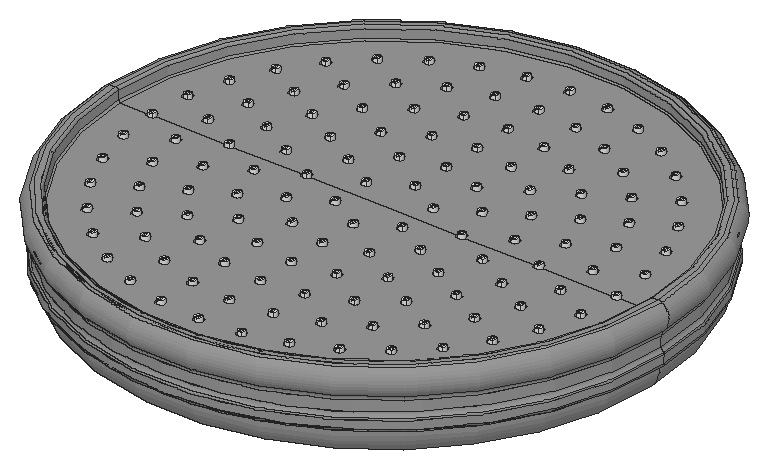
Revit family "Shower-Showerhead-KOHLER-KATALYST-K-15991T_1", category Plumbing Fixtures, host Face, Revit 2017 (continued)
Definition of nested family "K-15991T"
  Lines and regions (in)
    symbolic lines, detail levels medium+fine
      curve 226: circle (2.08409, 2.86706, 0) r 0.06192 normal (0, 0, -1)
      curve 227: circle (2.08409, 2.86706, 0) r 0.0308 normal (0, 0, -1)
      curve 228: circle (2.12747, 3.6832, 0) r 0.08333 normal (0, 0, -1)
      curve 229: circle (2.12747, 3.6832, 0) r 0.06192 normal (0, 0, -1)
      curve 230: circle (2.12747, 3.6832, 0) r 0.0308 normal (0, 0, -1)
      curve 231: circle (1.44245, 3.23772, 0) r 0.08333 normal (0, 0, -1)
      curve 232: circle (1.44245, 3.23772, 0) r 0.06192 normal (0, 0, -1)
      curve 233: circle (1.44245, 3.23772, 0) r 0.0308 normal (0, 0, -1)
      curve 234: circle (1.45557, 3.99668, 0) r 0.08333 normal (0, 0, -1)
      curve 235: circle (1.45557, 3.99668, 0) r 0.06192 normal (0, 0, -1)
      curve 236: circle (1.45557, 3.99668, 0) r 0.0308 normal (0, 0, -1)
      curve 237: circle (0.73944, 4.18871, 0) r 0.08333 normal (0, 0, -1)
      curve 238: circle (0.73944, 4.18871, 0) r 0.06192 normal (0, 0, -1)
      curve 239: circle (0.73944, 4.18871, 0) r 0.0308 normal (0, 0, -1)
      curve 240: circle (0.73777, 3.46687, 0) r 0.08333 normal (0, 0, -1)
      curve 241: circle (0.73777, 3.46687, 0) r 0.06192 normal (0, 0, -1)
      curve 242: circle (0.73777, 3.46687, 0) r 0.0308 normal (0, 0, -1)
      curve 243: circle (0.61405, 0.35355, 0) r 0.08333 normal (0, 0, -1)
      curve 244: circle (0.61405, 0.35355, 0) r 0.06192 normal (0, 0, -1)
      curve 245: circle (0.61405, 0.35355, 0) r 0.0308 normal (0, 0, -1)
      curve 246: circle (-0.00085, -1.41754, 0) r 0.08333 normal (0, 0, -1)
      curve 247: circle (-0.00085, -1.41754, 0) r 0.06192 normal (0, 0, -1)
      curve 248: circle (-0.00085, -1.41754, 0) r 0.0308 normal (0, 0, -1)
      curve 249: circle (-0.70951, -1.22721, 0) r 0.08333 normal (0, 0, -1)
      curve 250: circle (-0.70951, -1.22721, 0) r 0.06192 normal (0, 0, -1)
      curve 251: circle (-0.70951, -1.22721, 0) r 0.0308 normal (0, 0, -1)
      curve 252: circle (-1.22805, -0.70804, 0) r 0.08333 normal (0, 0, -1)
      curve 253: circle (-1.22805, -0.70804, 0) r 0.06192 normal (0, 0, -1)
      curve 254: circle (-1.22805, -0.70804, 0) r 0.0308 normal (0, 0, -1)
      curve 255: circle (-0.00085, -2.12653, 0) r 0.08333 normal (0, 0, -1)
      curve 256: circle (-0.00085, -2.12653, 0) r 0.06192 normal (0, 0, -1)
      curve 257: circle (-0.00085, -2.12653, 0) r 0.0308 normal (0, 0, -1)
      curve 258: circle (-0.72811, -1.99799, 0) r 0.08333 normal (0, 0, -1)
      curve 259: circle (-0.72811, -1.99799, 0) r 0.06192 normal (0, 0, -1)
      curve 260: circle (-0.72811, -1.99799, 0) r 0.0308 normal (0, 0, -1)
      curve 261: circle (-1.36755, -1.62847, 0) r 0.08333 normal (0, 0, -1)
      curve 262: circle (-1.36755, -1.62847, 0) r 0.06192 normal (0, 0, -1)
      curve 263: circle (-1.36755, -1.62847, 0) r 0.0308 normal (0, 0, -1)
      curve 264: circle (-1.84205, -1.06253, 0) r 0.08333 normal (0, 0, -1)
      curve 265: circle (-1.84205, -1.06253, 0) r 0.06192 normal (0, 0, -1)
      curve 266: circle (-1.84205, -1.06253, 0) r 0.0308 normal (0, 0, -1)
      curve 267: circle (-2.09437, -0.36843, 0) r 0.08333 normal (0, 0, -1)
      curve 268: circle (-2.09437, -0.36843, 0) r 0.06192 normal (0, 0, -1)
      curve 269: circle (-2.09437, -0.36843, 0) r 0.0308 normal (0, 0, -1)
      curve 270: circle (-2.73911, -0.73307, 0) r 0.08333 normal (0, 0, -1)
      curve 271: circle (-2.73911, -0.73307, 0) r 0.06192 normal (0, 0, -1)
      curve 272: circle (-2.73911, -0.73307, 0) r 0.0308 normal (0, 0, -1)
      curve 273: circle (-2.45605, -1.41702, 0) r 0.08333 normal (0, 0, -1)
      curve 274: circle (-2.45605, -1.41702, 0) r 0.06192 normal (0, 0, -1)
      curve 275: circle (-2.45605, -1.41702, 0) r 0.0308 normal (0, 0, -1)
      curve 276: circle (-2.00561, -2.00441, 0) r 0.08333 normal (0, 0, -1)
      curve 277: circle (-2.00561, -2.00441, 0) r 0.06192 normal (0, 0, -1)
      curve 278: circle (-2.00561, -2.00441, 0) r 0.0308 normal (0, 0, -1)
      curve 279: circle (-1.41849, -2.4552, 0) r 0.08333 normal (0, 0, -1)
      curve 280: circle (-1.41849, -2.4552, 0) r 0.06192 normal (0, 0, -1)
      curve 281: circle (-1.41849, -2.4552, 0) r 0.0308 normal (0, 0, -1)
      curve 282: circle (-0.7347, -2.73868, 0) r 0.08333 normal (0, 0, -1)
      curve 283: circle (-0.7347, -2.73868, 0) r 0.06192 normal (0, 0, -1)
      curve 284: circle (-0.7347, -2.73868, 0) r 0.0308 normal (0, 0, -1)
      curve 285: circle (-0.00085, -2.83551, 0) r 0.08333 normal (0, 0, -1)
      curve 286: circle (-0.00085, -2.83551, 0) r 0.06192 normal (0, 0, -1)
      curve 287: circle (-0.00085, -2.83551, 0) r 0.0308 normal (0, 0, -1)
      curve 288: circle (-3.52517, -0.36966, 0) r 0.08333 normal (0, 0, -1)
      curve 289: circle (-3.52517, -0.36966, 0) r 0.06192 normal (0, 0, -1)
      curve 290: circle (-3.52517, -0.36966, 0) r 0.0308 normal (0, 0, -1)
      curve 291: circle (-4.18901, -0.73778, 0) r 0.08333 normal (0, 0, -1)
      curve 292: circle (-4.18901, -0.73778, 0) r 0.06192 normal (0, 0, -1)
      curve 293: circle (-4.18901, -0.73778, 0) r 0.0308 normal (0, 0, -1)
      curve 294: circle (-3.99726, -1.45398, 0) r 0.08333 normal (0, 0, -1)
      curve 295: circle (-3.99726, -1.45398, 0) r 0.06192 normal (0, 0, -1)
      curve 296: circle (-3.99726, -1.45398, 0) r 0.0308 normal (0, 0, -1)
      curve 297: circle (-3.37128, -1.0945, 0) r 0.08333 normal (0, 0, -1)
      curve 298: circle (-3.37128, -1.0945, 0) r 0.06192 normal (0, 0, -1)
      curve 299: circle (-3.37128, -1.0945, 0) r 0.0308 normal (0, 0, -1)
      curve 300: circle (-3.68405, -2.12601, 0) r 0.08333 normal (0, 0, -1)
      curve 301: circle (-3.68405, -2.12601, 0) r 0.06192 normal (0, 0, -1)
      curve 302: circle (-3.68405, -2.12601, 0) r 0.0308 normal (0, 0, -1)
      curve 303: circle (-3.07005, -1.77152, 0) r 0.08333 normal (0, 0, -1)
      curve 304: circle (-3.07005, -1.77152, 0) r 0.06192 normal (0, 0, -1)
      curve 305: circle (-3.07005, -1.77152, 0) r 0.0308 normal (0, 0, -1)
      curve 306: circle (-2.63464, -2.3711, 0) r 0.08333 normal (0, 0, -1)
      curve 307: circle (-2.63464, -2.3711, 0) r 0.06192 normal (0, 0, -1)
      curve 308: circle (-2.63464, -2.3711, 0) r 0.0308 normal (0, 0, -1)
      curve 309: circle (-3.2589, -2.73344, 0) r 0.08333 normal (0, 0, -1)
      curve 310: circle (-3.2589, -2.73344, 0) r 0.06192 normal (0, 0, -1)
      curve 311: circle (-3.2589, -2.73344, 0) r 0.0308 normal (0, 0, -1)
      curve 312: circle (-2.73473, -3.25781, 0) r 0.08333 normal (0, 0, -1)
      curve 313: circle (-2.73473, -3.25781, 0) r 0.06192 normal (0, 0, -1)
      curve 314: circle (-2.73473, -3.25781, 0) r 0.0308 normal (0, 0, -1)
      curve 315: circle (-2.08409, -2.86706, 0) r 0.08333 normal (0, 0, -1)
      curve 316: circle (-2.08409, -2.86706, 0) r 0.06192 normal (0, 0, -1)
      curve 317: circle (-2.08409, -2.86706, 0) r 0.0308 normal (0, 0, -1)
      curve 318: circle (-2.12747, -3.6832, 0) r 0.08333 normal (0, 0, -1)
      curve 319: circle (-2.12747, -3.6832, 0) r 0.06192 normal (0, 0, -1)
      curve 320: circle (-2.12747, -3.6832, 0) r 0.0308 normal (0, 0, -1)
      curve 321: circle (-1.44245, -3.23772, 0) r 0.08333 normal (0, 0, -1)
      curve 322: circle (-1.44245, -3.23772, 0) r 0.06192 normal (0, 0, -1)
      curve 323: circle (-1.44245, -3.23772, 0) r 0.0308 normal (0, 0, -1)
      curve 324: circle (-1.45557, -3.99668, 0) r 0.08333 normal (0, 0, -1)
      curve 325: circle (-1.45557, -3.99668, 0) r 0.06192 normal (0, 0, -1)
      curve 326: circle (-1.45557, -3.99668, 0) r 0.0308 normal (0, 0, -1)
      curve 327: circle (-0.73944, -4.18871, 0) r 0.08333 normal (0, 0, -1)
      curve 328: circle (-0.73944, -4.18871, 0) r 0.06192 normal (0, 0, -1)
      curve 329: circle (-0.73944, -4.18871, 0) r 0.0308 normal (0, 0, -1)
      curve 330: circle (-0.73777, -3.46687, 0) r 0.08333 normal (0, 0, -1)
      curve 331: circle (-0.73777, -3.46687, 0) r 0.06192 normal (0, 0, -1)
      curve 332: circle (-0.73777, -3.46687, 0) r 0.0308 normal (0, 0, -1)
      curve 333: circle (-0.00085, -4.25348, 0) r 0.08333 normal (0, 0, -1)
      curve 334: circle (-0.00085, -4.25348, 0) r 0.06192 normal (0, 0, -1)
      curve 335: circle (-0.00085, -4.25348, 0) r 0.0308 normal (0, 0, -1)
      curve 336: circle (-0.00085, -3.5445, 0) r 0.08333 normal (0, 0, -1)
      curve 337: circle (-0.00085, -3.5445, 0) r 0.06192 normal (0, 0, -1)
      curve 338: circle (-0.00085, -3.5445, 0) r 0.0308 normal (0, 0, -1)
      curve 339: circle (-0.00085, -0.70856, 0) r 0.08333 normal (0, 0, -1)
      curve 340: circle (-0.00085, -0.70856, 0) r 0.06192 normal (0, 0, -1)
      curve 341: circle (-0.00085, -0.70856, 0) r 0.0308 normal (0, 0, -1)
      curve 342: circle (-0.61405, -0.35355, 0) r 0.08333 normal (0, 0, -1)
      curve 343: circle (-0.61405, -0.35355, 0) r 0.06192 normal (0, 0, -1)
      curve 344: circle (-0.61405, -0.35355, 0) r 0.0308 normal (0, 0, -1)
      curve 345: circle (0.70951, -1.22721, 0) r 0.08333 normal (0, 0, 1)
      curve 346: circle (0.70951, -1.22721, 0) r 0.06192 normal (0, 0, 1)
      curve 347: circle (0.70951, -1.22721, 0) r 0.0308 normal (0, 0, 1)
      curve 348: circle (1.22805, -0.70804, 0) r 0.08333 normal (0, 0, 1)
      curve 349: circle (1.22805, -0.70804, 0) r 0.06192 normal (0, 0, 1)
      curve 350: circle (1.22805, -0.70804, 0) r 0.0308 normal (0, 0, 1)
      curve 351: circle (0.72811, -1.99799, 0) r 0.08333 normal (0, 0, 1)
      curve 352: circle (0.72811, -1.99799, 0) r 0.06192 normal (0, 0, 1)
      curve 353: circle (0.72811, -1.99799, 0) r 0.0308 normal (0, 0, 1)
      curve 354: circle (1.36755, -1.62847, 0) r 0.08333 normal (0, 0, 1)
      curve 355: circle (1.36755, -1.62847, 0) r 0.06192 normal (0, 0, 1)
      curve 356: circle (1.36755, -1.62847, 0) r 0.0308 normal (0, 0, 1)
      curve 357: circle (1.84205, -1.06253, 0) r 0.08333 normal (0, 0, 1)
      curve 358: circle (1.84205, -1.06253, 0) r 0.06192 normal (0, 0, 1)
      curve 359: circle (1.84205, -1.06253, 0) r 0.0308 normal (0, 0, 1)
      curve 360: circle (2.09437, -0.36843, 0) r 0.08333 normal (0, 0, 1)
      curve 361: circle (2.09437, -0.36843, 0) r 0.06192 normal (0, 0, 1)
      curve 362: circle (2.09437, -0.36843, 0) r 0.0308 normal (0, 0, 1)
      curve 363: circle (2.73911, -0.73307, 0) r 0.08333 normal (0, 0, 1)
      curve 364: circle (2.73911, -0.73307, 0) r 0.06192 normal (0, 0, 1)
      curve 365: circle (2.73911, -0.73307, 0) r 0.0308 normal (0, 0, 1)
      curve 366: circle (2.45605, -1.41702, 0) r 0.08333 normal (0, 0, 1)
      curve 367: circle (2.45605, -1.41702, 0) r 0.06192 normal (0, 0, 1)
      curve 368: circle (2.45605, -1.41702, 0) r 0.0308 normal (0, 0, 1)
      curve 369: circle (2.00561, -2.00441, 0) r 0.08333 normal (0, 0, 1)
      curve 370: circle (2.00561, -2.00441, 0) r 0.06192 normal (0, 0, 1)
      curve 371: circle (2.00561, -2.00441, 0) r 0.0308 normal (0, 0, 1)
      curve 372: circle (1.41849, -2.4552, 0) r 0.08333 normal (0, 0, 1)
      curve 373: circle (1.41849, -2.4552, 0) r 0.06192 normal (0, 0, 1)
      curve 374: circle (1.41849, -2.4552, 0) r 0.0308 normal (0, 0, 1)
      curve 375: circle (0.7347, -2.73868, 0) r 0.08333 normal (0, 0, 1)
      curve 376: circle (0.7347, -2.73868, 0) r 0.06192 normal (0, 0, 1)
      curve 377: circle (0.7347, -2.73868, 0) r 0.0308 normal (0, 0, 1)
      curve 378: circle (3.52517, -0.36966, 0) r 0.08333 normal (0, 0, 1)
      curve 379: circle (3.52517, -0.36966, 0) r 0.06192 normal (0, 0, 1)
      curve 380: circle (3.52517, -0.36966, 0) r 0.0308 normal (0, 0, 1)
      curve 381: circle (4.18901, -0.73778, 0) r 0.08333 normal (0, 0, 1)
      curve 382: circle (4.18901, -0.73778, 0) r 0.06192 normal (0, 0, 1)
      curve 383: circle (4.18901, -0.73778, 0) r 0.0308 normal (0, 0, 1)
      curve 384: circle (3.99726, -1.45398, 0) r 0.08333 normal (0, 0, 1)
      curve 385: circle (3.99726, -1.45398, 0) r 0.06192 normal (0, 0, 1)
      curve 386: circle (3.99726, -1.45398, 0) r 0.0308 normal (0, 0, 1)
      curve 387: circle (3.37128, -1.0945, 0) r 0.08333 normal (0, 0, 1)
      curve 388: circle (3.37128, -1.0945, 0) r 0.06192 normal (0, 0, 1)
      curve 389: circle (3.37128, -1.0945, 0) r 0.0308 normal (0, 0, 1)
      curve 390: circle (3.68405, -2.12601, 0) r 0.08333 normal (0, 0, 1)
      curve 391: circle (3.68405, -2.12601, 0) r 0.06192 normal (0, 0, 1)
      curve 392: circle (3.68405, -2.12601, 0) r 0.0308 normal (0, 0, 1)
      curve 393: circle (3.07005, -1.77152, 0) r 0.08333 normal (0, 0, 1)
      curve 394: circle (3.07005, -1.77152, 0) r 0.06192 normal (0, 0, 1)
      curve 395: circle (3.07005, -1.77152, 0) r 0.0308 normal (0, 0, 1)
      curve 396: circle (2.63464, -2.3711, 0) r 0.08333 normal (0, 0, 1)
      curve 397: circle (2.63464, -2.3711, 0) r 0.06192 normal (0, 0, 1)
      curve 398: circle (2.63464, -2.3711, 0) r 0.0308 normal (0, 0, 1)
      curve 399: circle (3.2589, -2.73344, 0) r 0.08333 normal (0, 0, 1)
      curve 400: circle (3.2589, -2.73344, 0) r 0.06192 normal (0, 0, 1)
      curve 401: circle (3.2589, -2.73344, 0) r 0.0308 normal (0, 0, 1)
      curve 402: circle (2.73473, -3.25781, 0) r 0.08333 normal (0, 0, 1)
      curve 403: circle (2.73473, -3.25781, 0) r 0.06192 normal (0, 0, 1)
      curve 404: circle (2.73473, -3.25781, 0) r 0.0308 normal (0, 0, 1)
      curve 405: circle (2.08409, -2.86706, 0) r 0.08333 normal (0, 0, 1)
      curve 406: circle (2.08409, -2.86706, 0) r 0.06192 normal (0, 0, 1)
      curve 407: circle (2.08409, -2.86706, 0) r 0.0308 normal (0, 0, 1)
      curve 408: circle (2.12747, -3.6832, 0) r 0.08333 normal (0, 0, 1)
      curve 409: circle (2.12747, -3.6832, 0) r 0.06192 normal (0, 0, 1)
      curve 410: circle (2.12747, -3.6832, 0) r 0.0308 normal (0, 0, 1)
      curve 411: circle (1.44245, -3.23772, 0) r 0.08333 normal (0, 0, 1)
      curve 412: circle (1.44245, -3.23772, 0) r 0.06192 normal (0, 0, 1)
      curve 413: circle (1.44245, -3.23772, 0) r 0.0308 normal (0, 0, 1)
      curve 414: circle (1.45557, -3.99668, 0) r 0.08333 normal (0, 0, 1)
      curve 415: circle (1.45557, -3.99668, 0) r 0.06192 normal (0, 0, 1)
      curve 416: circle (1.45557, -3.99668, 0) r 0.0308 normal (0, 0, 1)
      curve 417: circle (0.73944, -4.18871, 0) r 0.08333 normal (0, 0, 1)
      curve 418: circle (0.73944, -4.18871, 0) r 0.06192 normal (0, 0, 1)
      curve 419: circle (0.73944, -4.18871, 0) r 0.0308 normal (0, 0, 1)
      curve 420: circle (0.73777, -3.46687, 0) r 0.08333 normal (0, 0, 1)
      curve 421: circle (0.73777, -3.46687, 0) r 0.06192 normal (0, 0, 1)
      curve 422: circle (0.73777, -3.46687, 0) r 0.0308 normal (0, 0, 1)
      curve 423: circle (0.61405, -0.35355, 0) r 0.08333 normal (0, 0, 1)
      curve 424: circle (0.61405, -0.35355, 0) r 0.06192 normal (0, 0, 1)
      curve 425: circle (0.61405, -0.35355, 0) r 0.0308 normal (0, 0, 1)
  Dimensions and locks (in)
    plane 4 to level = 3.46457"
    aligned and locked: plane 2 to level
